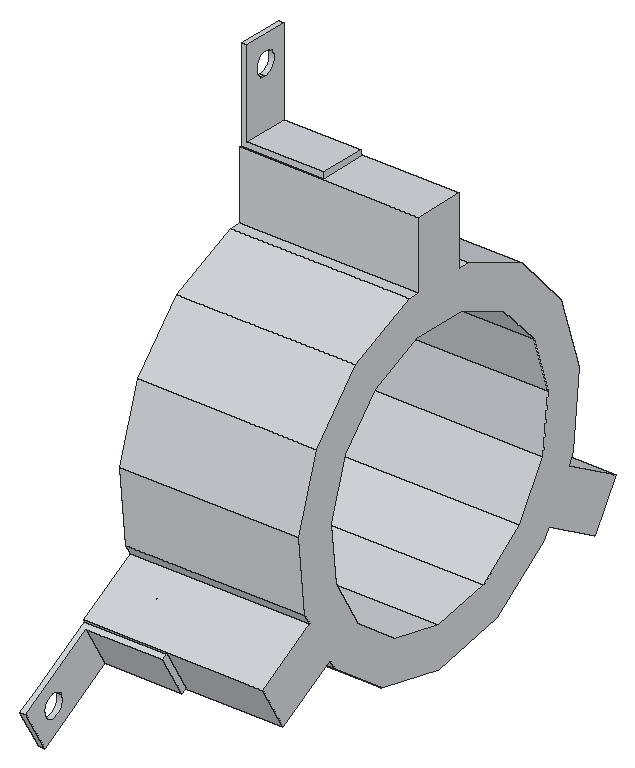
Revit family "LP80R", category Pipe Accessories, Revit 2021
Family settings
  Round Connector Dimension = Use Diameter
  Part Type = Breaks Into
  Work Plane-Based = No
  Always vertical = No
  Cut with Voids When Loaded = No
  Shared = No
Parameters
  URL = "https://www.snapcollars.com.au/"
  Model = "LP80R"
  Manufacturer = "Snap Fire Systems"
  Description = "The LP80R is a metal, retro-fit fire collar for concrete floor slabs."
  Default Elevation = 0 mm
Reference planes
  plane 1 "Center (Front/Back)": y = 0
  plane 2: z = 0
  plane 3 "Center (Left/Right)": x = -139.129
  plane 4: x = -230
  plane 5: x = -208.636
  plane 6: x = -210
Forms (mm)
  Extrusion 1, solid, material "PVC-White", not visible, detail levels fine
    sketch origin (0, 0, 0) x (1, 0, 0) y (0, 0, 1)
      loop
        line (-80, 60.418) -> (-227.967, 86.048) -> (-227.967, 69.12) -> (-80, 60.418)
    from -1.5 to 1.5
  Extrusion 2, solid, material "PVC-White", not visible, detail levels fine
    sketch origin (0, 0, 0) x (1, 0, 0) y (0, -0.5, 0.866025)
      loop
        line (-80, 60.418) -> (-227.967, 86.048) -> (-227.967, 69.12) -> (-80, 60.418)
    from -1.5 to 1.5
  Extrusion 3, solid, material "PVC-White", not visible, detail levels fine
    sketch origin (0, 0, 0) x (1, 0, 0) y (0, -0.866025, 0.5)
      loop
        line (-80, 60.418) -> (-227.967, 86.048) -> (-227.967, 69.12) -> (-80, 60.418)
    from -1.5 to 1.5
  Extrusion 4, solid, material "PVC-White", not visible, detail levels fine
    sketch origin (0, 0, 0) x (0, -1, 0) y (-1, 0, 0)
      loop
        line (60.418, 80) -> (86.048, 227.967) -> (69.12, 227.967) -> (60.418, 80)
    from -1.5 to 1.5
  Extrusion 5, solid, material "PVC-White", not visible, detail levels fine
    sketch origin (0, 0, 0) x (1, 0, 0) y (0, -0.866025, -0.5)
      loop
        line (-80, 60.418) -> (-227.967, 86.048) -> (-227.967, 69.12) -> (-80, 60.418)
    from -1.5 to 1.5
  Extrusion 6, solid, material "PVC-White", not visible, detail levels fine
    sketch origin (0, 0, 0) x (1, 0, 0) y (0, -0.5, -0.866025)
      loop
        line (-80, 60.418) -> (-227.967, 86.048) -> (-227.967, 69.12) -> (-80, 60.418)
    from -1.5 to 1.5
  Extrusion 7, solid, material "PVC-White", not visible, detail levels fine
    sketch origin (0, 0, 0) x (1, 0, 0) y (0, 0, -1)
      loop
        line (-80, 60.418) -> (-227.967, 86.048) -> (-227.967, 69.12) -> (-80, 60.418)
    from -1.5 to 1.5
  Extrusion 8, solid, material "PVC-White", not visible, detail levels fine
    sketch origin (0, 0, 0) x (1, 0, 0) y (0, 0.5, -0.866025)
      loop
        line (-80, 60.418) -> (-227.967, 86.048) -> (-227.967, 69.12) -> (-80, 60.418)
    from -1.5 to 1.5
  Extrusion 9, solid, material "PVC-White", not visible, detail levels fine
    sketch origin (0, 0, 0) x (1, 0, 0) y (0, 0.866025, -0.5)
      loop
        line (-80, 60.418) -> (-227.967, 86.048) -> (-227.967, 69.12) -> (-80, 60.418)
    from -1.5 to 1.5
  Extrusion 10, solid, material "PVC-White", not visible, detail levels fine
    sketch origin (0, 0, 0) x (1, 0, 0) y (0, 1, 0)
      loop
        line (-80, 60.418) -> (-227.967, 86.048) -> (-227.967, 69.12) -> (-80, 60.418)
    from -1.5 to 1.5
  Extrusion 11, solid, material "PVC-White", not visible, detail levels fine
    sketch origin (0, 0, 0) x (1, 0, 0) y (0, 0.866025, 0.5)
      loop
        line (-80, 60.418) -> (-227.967, 86.048) -> (-227.967, 69.12) -> (-80, 60.418)
    from -1.5 to 1.5
  Extrusion 12, solid, material "PVC-White", not visible, detail levels fine
    sketch origin (0, 0, 0) x (1, 0, 0) y (0, 0.5, 0.866025)
      loop
        line (-80, 60.418) -> (-227.967, 86.048) -> (-227.967, 69.12) -> (-80, 60.418)
    from -1.5 to 1.5
  Extrusion 13, solid
    sketch origin (-230, 2000, 1200) x (0, 1, 0) y (0, 0, 1)
      loop
        line (-2009.787, -1153.955) -> (-2027.669, -1161.917) -> (-2040.767, -1176.463) -> (-2046.816, -1195.079) -> (-2044.77, -1214.547) -> (-2034.983, -1231.498) -> (-2019.147, -1243.004) -> (-2000, -1247.074) -> (-1980.853, -1243.004) -> (-1965.017, -1231.498) -> (-1955.23, -1214.547) -> (-1953.184, -1195.079) -> (-1959.233, -1176.463) -> (-1972.331, -1161.917) -> (-1990.213, -1153.955) -> (-2009.787, -1153.955)
      loop
        line (-2012.667, -1140.406) -> (-2035.811, -1150.71) -> (-2052.763, -1169.537) -> (-2060.592, -1193.632) -> (-2057.943, -1218.827) -> (-2045.276, -1240.767) -> (-2024.781, -1255.658) -> (-2000, -1260.925) -> (-1975.219, -1255.658) -> (-1954.724, -1240.767) -> (-1942.057, -1218.827) -> (-1939.408, -1193.632) -> (-1947.237, -1169.537) -> (-1964.189, -1150.71) -> (-1987.333, -1140.406) -> (-2012.667, -1140.406)
    from 0 to 62
  Extrusion 14, solid, not visible
    sketch origin (-230, 23.225, 34.758) x (0, -0.92388, 0.382683) y (1, 0, 0)
      loop
        line (16.311, 91) -> (0, 91) -> (0, 65) -> (16.311, 65) -> (16.311, 91)
    from 0 to 3
  Extrusion 15, solid, not visible
    sketch origin (-230, 24.373, 37.53) x (0, -0.92388, 0.382683) y (1, 0, 0)
      loop
        line (16.311, 91) -> (0, 91) -> (0, 88) -> (16.311, 88) -> (16.311, 91)
    from 0 to 21
  Extrusion 16, solid, not visible
    sketch origin (-230, 29.556, 29.418) x (0, -0.828512, 0.559971) y (1, 0, 0)
      loop
        line (16.311, 91) -> (0, 91) -> (0, 65) -> (16.311, 65) -> (16.311, 91)
    from 0 to 3
  Extrusion 17, solid, not visible
    sketch origin (-230, 31.236, 31.904) x (0, -0.828512, 0.559971) y (1, 0, 0)
      loop
        line (16.311, 91) -> (0, 91) -> (0, 88) -> (16.311, 88) -> (16.311, 91)
    from 0 to 21
  Extrusion 18, solid, not visible
    sketch origin (-230, -15.852, 38.571) x (0, -0.83464, -0.550797) y (1, 0, 0)
      loop
        line (16.311, 91) -> (0, 91) -> (0, 65) -> (16.311, 65) -> (16.311, 91)
    from 0 to 3
  Extrusion 19, solid, not visible
    sketch origin (-230, -17.504, 41.075) x (0, -0.83464, -0.550797) y (1, 0, 0)
      loop
        line (16.311, 91) -> (0, 91) -> (0, 88) -> (16.311, 88) -> (16.311, 91)
    from 0 to 21
  Extrusion 20, solid, not visible
    sketch origin (-230, 29.261, -29.712) x (0, 0.564361, 0.825528) y (1, 0, 0)
      loop
        line (16.311, 91) -> (0, 91) -> (0, 65) -> (16.311, 65) -> (16.311, 91)
    from 0 to 3
  Extrusion 21, solid, not visible
    sketch origin (-230, 31.738, -31.405) x (0, 0.564361, 0.825528) y (1, 0, 0)
      loop
        line (16.311, 91) -> (0, 91) -> (0, 88) -> (16.311, 88) -> (16.311, 91)
    from 0 to 21
  Extrusion 22, solid, not visible
    sketch origin (-230, -38.657, -15.64) x (0, 0.54621, -0.837649) y (1, 0, 0)
      loop
        line (16.311, 91) -> (0, 91) -> (0, 65) -> (16.311, 65) -> (16.311, 91)
    from 0 to 3
  Extrusion 23, solid, not visible
    sketch origin (-230, -41.17, -17.279) x (0, 0.54621, -0.837649) y (1, 0, 0)
      loop
        line (16.311, 91) -> (0, 91) -> (0, 88) -> (16.311, 88) -> (16.311, 91)
    from 0 to 21
  Extrusion 24, solid
    sketch origin (0, 0, 28.882) x (1, 0, 0) y (0, 0, 1)
      loop
        line (-201.343, 54.118) -> (-201.343, 56.118) -> (-228.024, 56.118) -> (-228.024, 86.118) -> (-230, 86.118) -> (-230, 78) -> (-230, 54.118) -> (-201.343, 54.118)
    from -8 to 8
  Extrusion 25, void
    sketch origin (-228.024, 0, 119.882) x (0, 0, -1) y (0, 1, 0)
      loop
        circle (14, 0) r 4
    from -10.829 to 2.558
  Extrusion 26, solid, not visible
    sketch origin (0, 0, 28.882) x (1, 0, 0) y (0, 0, 1)
      loop
        line (-201.343, 54.118) -> (-201.343, 56.118) -> (-228.024, 56.118) -> (-228.024, 86.118) -> (-230, 86.118) -> (-230, 78) -> (-230, 54.118) -> (-201.343, 54.118)
    from -8 to 8
  Extrusion 27, void, not visible
    sketch origin (-228.024, 0, 119.882) x (0, 0, -1) y (0, 1, 0)
      loop
        circle (14, 0) r 4
    from -10.829 to 2.558
  Extrusion 28, solid
    sketch origin (0, -25.013, -14.441) x (1, 0, 0) y (0, -0.866025, -0.5)
      loop
        line (-201.343, 54.118) -> (-201.343, 56.118) -> (-228.024, 56.118) -> (-228.024, 86.118) -> (-230, 86.118) -> (-230, 78) -> (-230, 54.118) -> (-201.343, 54.118)
    from -8 to 8
  Extrusion 29, void
    sketch origin (-228.024, -103.821, -59.941) x (0, 0.866025, 0.5) y (0, -0.5, 0.866025)
      loop
        circle (14, 0) r 4
    from -10.829 to 2.558
  Extrusion 30, solid
    sketch origin (0, 25.013, -14.441) x (1, 0, 0) y (0, 0.866025, -0.5)
      loop
        line (-201.343, 54.118) -> (-201.343, 56.118) -> (-228.024, 56.118) -> (-228.024, 86.118) -> (-230, 86.118) -> (-230, 78) -> (-230, 54.118) -> (-201.343, 54.118)
    from -8 to 8
  Extrusion 31, void
    sketch origin (-228.024, 103.821, -59.941) x (0, -0.866025, 0.5) y (0, -0.5, -0.866025)
      loop
        circle (14, 0) r 4
    from -10.829 to 2.558
  Extrusion 32, solid
    sketch origin (0, 0, 13) x (1, 0, 0) y (0, 0, 1)
      loop
        line (-168, 41) -> (-168, 70) -> (-230, 70) -> (-230, 41) -> (-168, 41)
    from -8.715 to 8.715
  Extrusion 33, solid
    sketch origin (0, -11.258, -6.5) x (1, 0, 0) y (0, -0.866025, -0.5)
      loop
        line (-168, 41) -> (-168, 70) -> (-230, 70) -> (-230, 41) -> (-168, 41)
    from -8.715 to 8.715
  Extrusion 34, solid
    sketch origin (0, 11.258, -6.5) x (1, 0, 0) y (0, 0.866025, -0.5)
      loop
        line (-168, 41) -> (-168, 70) -> (-230, 70) -> (-230, 41) -> (-168, 41)
    from -8.715 to 8.715
Cuts and joins
  Extrusion 25, Extrusion 29 cuts Extrusion 24
  Extrusion 29 cuts Extrusion 28
  Extrusion 31 cuts Extrusion 30
  joined: Extrusion 13, Extrusion 32, Extrusion 33, Extrusion 34
Lines and regions (mm)
  model lines
    curve 1: circle (-230, 0, 0) r 31 normal (1, 0, 0)
    curve 2: circle (-230, 0, 0) r 115 normal (1, 0, 0)
    curve 3: circle (-230, 0, 0) r 105 normal (1, 0, 0)
Dimensions and locks
  locked: plane 4 to plane 3 "Center (Left/Right)" at 90.871
  Extrusion 1 sketch curve to Extrusion 1 sketch curve = 0 mm
  Extrusion 2 sketch curve to Extrusion 2 sketch curve = 0 mm
  Extrusion 3 sketch curve to Extrusion 3 sketch curve = 0 mm
  Extrusion 4 sketch curve to Extrusion 4 sketch curve = 0 mm
  Extrusion 5 sketch curve to Extrusion 5 sketch curve = 0 mm
  Extrusion 6 sketch curve to Extrusion 6 sketch curve = 0 mm
  Extrusion 7 sketch curve to Extrusion 7 sketch curve = 0 mm
  Extrusion 8 sketch curve to Extrusion 8 sketch curve = 0 mm
  Extrusion 9 sketch curve to Extrusion 9 sketch curve = 0 mm
  Extrusion 10 sketch curve to Extrusion 10 sketch curve = 0 mm
  Extrusion 11 sketch curve to Extrusion 11 sketch curve = 0 mm
  Extrusion 12 sketch curve to Extrusion 12 sketch curve = 0 mm
  aligned and locked: level to plane 2
Connectors
  piping at (-210, 0, 0), diameter 92
    settings: on plane 6, index 4, connector inside diameter 609.6 mm, connector length 0 mm, flow factor 0, pipe flow 0.0 L/s, pressure drop 0.0 Pa, fitting loss kfactor 0, connector angle 0.00°, fixture units 0, engagement length 0 mm, angle of deflection 0.00°, flow configuration 0, flow direction 0, fitting loss method 0, system type 7, joint type 0, gender type 0, connector reference index -1, connector utility 0, adjustable connector no, is connector primary yes, connector description ""
  piping at (-208.636, 0, 0), diameter 92
    settings: on plane 5, index 5, connector inside diameter 609.6 mm, connector length 0 mm, flow factor 0, pipe flow 0.0 L/s, pressure drop 0.0 Pa, fitting loss kfactor 0, connector angle 0.00°, fixture units 0, engagement length 0 mm, angle of deflection 0.00°, flow configuration 0, flow direction 0, fitting loss method 0, system type 7, joint type 0, gender type 0, connector reference index -1, connector utility 0, adjustable connector no, is connector primary no, connector description ""
